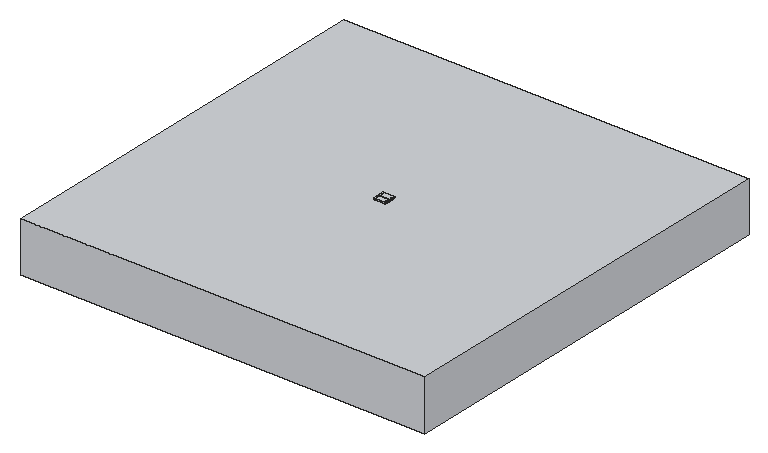
Revit family "Gira_2022112", category Elektroinstallationen, Revit 2017
Family settings
  Basisbauteil = Fläche
  Beschriftungsausrichtung beibehalten = Nein
  Bemaßung runder Anschluss = Durchmesser verwenden
  Teiletyp = Normal
  Beim Laden mit Abzugskörper schneiden = Nein
  Gemeinsam genutzt = Nein
  Raumberechnungspunkt = Nein
Parameters (values of type "KNX Tastsens.3 Basis 2f Flächenschalter Reinweiß")
  Werkstoffgüte = "Thermoplast"
  Werkstoff Text = "Kunststoff"
  Default Elevation = 1219.2 mm
  URL = "https://www.gira.de/"
  Typname = "KNX Tastsens.3 Basis 2f Flächenschalter Reinweiß"
  Type Comments = ""
  Transparent = no
  Schutzart (IP) = "IP20"
  RAL-Nummer (ähnlich) = 9010
  Produktseite = "https://media.stage.bim.site/t/eyJhbGciOiJIUzI1NiIsInR5cCI6IkpXVCJ9.eyJjdCI6MiwidHUiOiJodHRwOi8va2F0YWxvZy5naXJhLmRlL2RlX0RFL2RhdGVuYmxhdHQuaHRtbD9hcnRpa2VsbnI9MjAyMjExMiIsImNpZCI6IjMyNzdjYzIzLTgxYTktNGVlMy1hOTBhLWI0N2JiNGMwYjYxNiIsInJpZCI6Ijg5OTY0NzI4MTQ5MjM4ZDQwMzQxOWM4MTJiZWE1YTUwIiwicGlkIjoiOTc0Njg4NGMzMTU1OWNkMzU2MzZiZDM5NjM1YmU4OTJkZTYyMmY2NiIsInNpZCI6IjYzNDcwIiwidXQiOjEsImxjIjoiZGUiLCJpYXQiOjE2MDA5Mzg3MzUsImlzcyI6Imh0dHBzOi8vYXBpLmxpdmUuYmltLnNpdGUiLCJzdWIiOiJhZG1pbkBiaW1zaXRlLmRldiJ9.1JMOaT_AGcc9MOfw-HttqouKLIzweN66ocz2Nbp6Ypg"
  Oberfläche Text = "sonstige"
  Montageart = "Unterputz"
  Model = ""
  Mit Raumthermostat = no
  Mit LED-Anzeige = yes
  Mit Infrarotsensor = no
  Mit Display = no
  Mit Diebstahl-/Demontageschutz = yes
  Mit Busankopplung = no
  Mit Beschriftungsfeld = no
  Kosten = 0
  Hersteller = "Gira"
  HeinzeBIM = "https://www.heinze.de/bim/knx-tastsens-3-basis-2f-flaechenschalter-reinweiss/9746884c31559cd35636bd39635be892de622f66"
  HAN = "2022112"
  GTIN = "4010337081685"
  Farbe = "weiß"
  Datenblatt 1 = "https://media.stage.bim.site/t/eyJhbGciOiJIUzI1NiIsInR5cCI6IkpXVCJ9.eyJjdCI6MSwidGYiOiJwdWJsaWMvZ2lyYS9hZThjNTU3LzIwMjIxMTIudHh0IiwiY2lkIjoiMzI3N2NjMjMtODFhOS00ZWUzLWE5MGEtYjQ3YmI0YzBiNjE2IiwicmlkIjoiODk5NjQ3MjgxNDkyMzhkNDAzNDE5YzgxMmJlYTVhNTAiLCJwaWQiOiI5NzQ2ODg0YzMxNTU5Y2QzNTYzNmJkMzk2MzViZTg5MmRlNjIyZjY2Iiwic2lkIjoiNjM0NzAiLCJ1dCI6MSwibGMiOiJkZSIsImlhdCI6MTYwMDkzODczNSwiaXNzIjoiaHR0cHM6Ly9hcGkubGl2ZS5iaW0uc2l0ZSIsInN1YiI6ImFkbWluQGJpbXNpdGUuZGV2In0.2KQ_G6w8lxiS4fiE-P-Lk1RE2rsbOIxCjwt80404w_8/2022112.txt"
  Datenblatt = "https://media.stage.bim.site/t/eyJhbGciOiJIUzI1NiIsInR5cCI6IkpXVCJ9.eyJjdCI6MSwidHUiOiJodHRwczovL2thdGFsb2cuZ2lyYS5kZS9kZV9ERS9kb3dubG9hZC5odG1sP2FydGlrZWxucj0yMDIyMTEyIiwiY2lkIjoiMzI3N2NjMjMtODFhOS00ZWUzLWE5MGEtYjQ3YmI0YzBiNjE2IiwicmlkIjoiODk5NjQ3MjgxNDkyMzhkNDAzNDE5YzgxMmJlYTVhNTAiLCJwaWQiOiI5NzQ2ODg0YzMxNTU5Y2QzNTYzNmJkMzk2MzViZTg5MmRlNjIyZjY2Iiwic2lkIjoiNjM0NzAiLCJ1dCI6MSwibGMiOiJkZSIsImlhdCI6MTYwMDkzODczNSwiaXNzIjoiaHR0cHM6Ly9hcGkubGl2ZS5iaW0uc2l0ZSIsInN1YiI6ImFkbWluQGJpbXNpdGUuZGV2In0.xGo9tXQeGwhzYyiLN50PbMaViP2ObJ9P0mbB7PtBk6s"
  Bussystem Powernet = no
  Bussystem LON = no
  Bussystem KNX-Funk = no
  Bussystem KNX = yes
  Bussystem Funkbus = no
  Beschreibung = "KNX Tastsensor 3 Basis 2fach  Reinweiß glänzend Merkmale:  Montage auf Busankoppler 3.  Demontageschutz durch Verschraubung.  Wippenfunktion: Schalten, Dimmen, Jalousie, Wertgeber 1 Byte und Szenennebenstelle.  Zwei blaue Status-LEDs je Bedienfläche.  Weiße Betriebs-LED.  Funktion der Betriebs-LED und der Status-LED parametrierbar.  Hinweise :  Professionelle Beschriftung über den Gira Beschriftungsservice www.beschriftung.gira.de."
  Assembly Code = ""
  Keynote = ""
  BIMSITE_PRODUCT_ID = "9746884c31559cd35636bd39635be892de622f66"
  BIM = "https://media.stage.bim.site/t/eyJhbGciOiJIUzI1NiIsInR5cCI6IkpXVCJ9.eyJjdCI6MSwidGYiOiJwdWJsaWMvZ2lyYS9hZThjNTU3L0tOWCBUYXN0c2Vuc29yIDMgS29tZm9ydCAyZmFjaC5yZmEiLCJjaWQiOiIzMjc3Y2MyMy04MWE5LTRlZTMtYTkwYS1iNDdiYjRjMGI2MTYiLCJyaWQiOiI4OTk2NDcyODE0OTIzOGQ0MDM0MTljODEyYmVhNWE1MCIsInBpZCI6Ijk3NDY4ODRjMzE1NTljZDM1NjM2YmQzOTYzNWJlODkyZGU2MjJmNjYiLCJzaWQiOiI2MzQ3MCIsInV0Ijo1LCJsYyI6ImRlIiwiaWF0IjoxNjAwOTM4NzM1LCJpc3MiOiJodHRwczovL2FwaS5saXZlLmJpbS5zaXRlIiwic3ViIjoiYWRtaW5AYmltc2l0ZS5kZXYifQ.bhu5ZEVyStz4Hpns3xA3ZYuZEU0O2FgoSUKAjLmdOfk/KNX Tastsensor 3 Komfort 2fach.rfa"
  Ausführung der Oberfläche = "glänzend"
  Anzahl der Tasten = 2
  Anzahl der Betätigungspunkte = 4
  Andere Bussysteme = "ohne"
Reference planes
  plane 1 "Center (Front/Back)": y = 0
  plane 2: z = 0
  plane 3 "Center (Left/Right)": x = 0
  plane 4: z = -9.604
Forms (mm)
  Extrusion 1, solid
    sketch origin (0, 0, 0) x (1, 0, 0) y (0, 1, 0)
      loop
        line (-1219.2, 1219.2) -> (-1219.2, -1219.2) -> (1219.2, -1219.2) -> (1219.2, 1219.2) -> (-1219.2, 1219.2)
    from 0 to -304.8
  Extrusion 2, solid, detail levels fine
    sketch origin (0, 0, 0) x (1, 0, 0) y (0, 0, 1)
      loop
        line (-35.204, 3.097) -> (-35.258, 0) -> (-34.021, 0) -> (-33.888, 1.9) -> (33.888, 1.9) -> (34.021, 0) -> (35.258, 0) -> (35.204, 3.097) -> (34.204, 3.884) -> (35.165, 5.362) -> (35.143, 6.6) -> (-35.143, 6.6) -> (-35.165, 5.362) -> (-34.204, 3.884) -> (-35.204, 3.097)
    from -35.386 to -0.115
  Extrusion 3, solid, detail levels fine
    sketch origin (0, 0, 0) x (1, 0, 0) y (0, 0, 1)
      loop
        line (-34.914, -3.101) -> (34.914, -3.101) -> (34.835, -1.601) -> (33.811, -1.601) -> (33.523, 1.699) -> (-33.523, 1.699) -> (-33.811, -1.601) -> (-34.835, -1.601) -> (-34.914, -3.101)
    from -35 to 34.963
  SweptBlend 4, solid, detail levels fine
    path origin (0, 0, 0) x (0, 1, 0) y (0, 0, 1)
      loop
        line (0, -4.751) -> (0, -3.101)
    profile origin (0, 0, -4.751) x (0, -1, 0) y (1, 0, 0)
      loop
        line (-33.684, -33.637) -> (33.649, -33.637) -> (33.649, 33.637) -> (-33.684, 33.637) -> (-33.684, -33.637)
    end profile origin (0, 0, -3.101) x (0, -1, 0) y (1, 0, 0)
      loop
        line (33.94, -33.987) -> (33.94, 33.987) -> (-34.035, 33.987) -> (-34.035, -33.987) -> (33.94, -33.987)
  Extrusion 5, solid, detail levels fine
    sketch origin (0, 0, 0) x (1, 0, 0) y (0, 1, 0)
      loop
        line (-23.957, 19.167) -> (-23.957, 7.073) -> (-25.607, 7.073) -> (-25.607, -7.04) -> (-23.957, -7.04) -> (-23.957, -19.133)
        arc (-23.957, -19.133) -> (-22.549, -22.532) -> (-19.15, -23.94) r 4.807
        line (-19.15, -23.94) -> (19.15, -23.94)
        arc (19.15, -23.94) -> (22.549, -22.532) -> (23.957, -19.133) r 4.807
        line (23.957, -19.133) -> (23.957, -7.04) -> (25.607, -7.04) -> (25.607, 7.073) -> (23.957, 7.073) -> (23.957, 19.167)
        arc (23.957, 19.167) -> (22.549, 22.565) -> (19.15, 23.973) r 4.807
        line (19.15, 23.973) -> (-19.15, 23.973)
        arc (-19.15, 23.973) -> (-22.549, 22.565) -> (-23.957, 19.167) r 4.807
      loop
        line (-23.8, 6.217) -> (-24.95, 6.217) -> (-24.95, -6.183) -> (-23.843, -6.183) -> (-17.1, -3.181) -> (-17.1, 3.214) -> (-23.8, 6.217)
      loop
        line (23.843, 6.217) -> (17.1, 3.214) -> (17.1, -3.181) -> (23.8, -6.183) -> (24.95, -6.183) -> (24.95, 6.217) -> (23.843, 6.217)
    from -4.501 to -7.001
  Extrusion 6, solid, detail levels fine
    sketch origin (0, 0, 0) x (1, 0, 0) y (0, 1, 0)
      loop
        line (18.766, 1.305) -> (18.766, -1.275) -> (21, -2.565) -> (23.234, -1.275) -> (23.234, 1.305) -> (21, 2.595) -> (18.766, 1.305)
      loop
        line (-23.234, 1.305) -> (-23.234, -1.275) -> (-21, -2.565) -> (-18.766, -1.275) -> (-18.766, 1.305) -> (-21, 2.595) -> (-23.234, 1.305)
    from -5.101 to -7.001
  Extrusion 7, solid, detail levels fine
    sketch origin (0, 0, 0) x (1, 0, 0) y (0, 1, 0)
      loop
        line (-6.603, -21.281) -> (-6.603, -15.981) -> (6.603, -15.981) -> (6.603, -21.281) -> (7.397, -21.281) -> (7.397, -15.186) -> (-7.397, -15.186) -> (-7.397, -21.281) -> (-6.603, -21.281)
    from -7.301 to -10.401
  Extrusion 8, solid, detail levels fine
    sketch origin (0, 0, 0) x (1, 0, 0) y (0, 1, 0)
      loop
        line (-8.504, -14.749) -> (-8.504, -22.758) -> (8.504, -22.758) -> (8.504, -14.749) -> (-8.504, -14.749)
      loop
        circle (-5.08, -17.483) r 0.5
      loop
        circle (-2.54, -17.483) r 0.5
      loop
        circle (0, -17.483) r 0.5
      loop
        circle (2.54, -17.483) r 0.5
      loop
        circle (5.08, -17.483) r 0.5
      loop
        circle (5.08, -20.023) r 0.5
      loop
        circle (2.54, -20.023) r 0.5
      loop
        circle (0, -20.023) r 0.5
      loop
        circle (-2.54, -20.023) r 0.5
      loop
        circle (-5.08, -20.023) r 0.5
    from -6.527 to -7.301
  Extrusion 9, solid, detail levels fine
    sketch origin (0, 0, 0) x (1, 0, 0) y (0, 1, 0)
      loop
        line (-6.603, -18.141) -> (-6.603, -15.981) -> (-0.888, -15.981) -> (-0.888, -15.186) -> (-7.397, -15.186) -> (-7.397, -18.141) -> (-6.603, -18.141)
      loop
        line (6.603, -18.141) -> (7.397, -18.141) -> (7.397, -15.186) -> (0.888, -15.186) -> (0.888, -15.981) -> (6.603, -15.981) -> (6.603, -18.141)
    from -10.401 to -15.001
  Extrusion 10, solid, detail levels fine
    sketch origin (0, 0, 0) x (1, 0, 0) y (0, 1, 0)
      loop
        line (-14.008, -23.94) -> (-14.008, -25.541) -> (-12.361, -25.541) -> (-12.361, -24.233) -> (-9.639, -24.233) -> (-9.639, -25.541) -> (-7.992, -25.541) -> (-7.992, -23.94) -> (-14.008, -23.94)
    from -4.501 to -6.101
  Extrusion 11, solid, detail levels fine
    sketch origin (0, 0, 0) x (-1, 0, 0) y (0, -1, 0)
      loop
        line (-14.008, 23.94) -> (-7.992, 23.94) -> (-7.992, 25.541) -> (-9.639, 25.541) -> (-9.639, 24.233) -> (-12.361, 24.233) -> (-12.361, 25.541) -> (-14.008, 25.541) -> (-14.008, 23.94)
    from -4.501 to -6.101
  Extrusion 12, solid, detail levels fine
    sketch origin (0, 0, 0) x (-1, 0, 0) y (0, -1, 0)
      loop
        line (-14.008, -23.867) -> (-14.008, -25.574) -> (-12.361, -25.574) -> (-12.361, -24.233) -> (-9.639, -24.233) -> (-9.639, -25.574) -> (-7.992, -25.574) -> (-7.992, -23.867) -> (-14.008, -23.867)
    from -4.501 to -6.101
  Extrusion 13, solid, detail levels fine
    sketch origin (0, 0, 0) x (1, 0, 0) y (0, 1, 0)
      loop
        line (-14.008, 23.867) -> (-7.992, 23.867) -> (-7.992, 25.574) -> (-9.639, 25.574) -> (-9.639, 24.233) -> (-12.361, 24.233) -> (-12.361, 25.574) -> (-14.008, 25.574) -> (-14.008, 23.867)
    from -4.501 to -6.101
  Revolve 14, solid, detail levels fine
    sketch origin (0, 17.743, 0) x (1, 0, 0) y (0, 0, 1)
      loop
        line (-29, 7) -> (-30.327, 6) -> (-28, 6) -> (-28, 7) -> (-29, 7)
      axis (-28, 7) -> (-28, 6)
    angle from 0 to 360
  Extrusion 15, solid, detail levels coarse
    sketch origin (0, 0, 0) x (1, 0, 0) y (0, 1, 0)
      loop
        line (35.258, 35.386) -> (-35.258, 35.386) -> (-35.258, -35.355) -> (35.258, -35.355) -> (35.258, 35.386)
    from -18.904 to 7
  Extrusion 16, solid, detail levels medium
    sketch origin (0, 0, 0) x (1, 0, 0) y (0, 1, 0)
      loop
        line (35.258, 35.386) -> (-35.258, 35.386) -> (-35.258, 0.115) -> (35.258, 0.115) -> (35.258, 35.386)
    from 0 to 7
  Extrusion 17, solid, detail levels medium
    sketch origin (0, 0, 0) x (1, 0, 0) y (0, 1, 0)
      loop
        line (-34.914, 35.017) -> (-34.914, -34.994) -> (34.914, -34.994) -> (34.914, 35.017) -> (-34.914, 35.017)
    from 0 to -4.754
  Extrusion 18, solid, detail levels medium
    sketch origin (0, 0, 0) x (1, 0, 0) y (0, 1, 0)
      loop
        line (-23.957, 23.973) -> (-23.957, -23.94) -> (23.957, -23.94) -> (23.957, 23.973) -> (-23.957, 23.973)
    from -7.001 to -4.751
  Extrusion 19, solid, detail levels medium
    sketch origin (0, 0, 0) x (1, 0, 0) y (0, 1, 0)
      loop
        line (-7.397, -15.186) -> (-7.397, -21.281) -> (7.397, -21.281) -> (7.397, -15.186) -> (-7.397, -15.186)
    from -15.001 to 0
  Extrusion 20, solid, detail levels fine
    sketch origin (0, 0, 0) x (1, 0, 0) y (0, 1, 0)
      loop
        circle (-21.002, 0.017) r 1.5
      loop
        circle (21.002, 0.017) r 1.5
    from -9.604 to -5.101
  Extrusion 21, solid, detail levels fine
    sketch origin (0, 0, 0) x (1, 0, 0) y (0, 0, 1)
      loop
        line (-24.092, -5.101) -> (-25.266, -10.462)
        arc (-25.266, -10.462) -> (-25.344, -11.857) -> (-24.981, -13.206) r 4.4
        line (-24.981, -13.206) -> (-23.425, -16.671) -> (-23.055, -17.494)
        arc (-23.055, -17.494) -> (-22.984, -18.085) -> (-23.262, -18.612) r 1
        arc (-23.262, -18.612) -> (-22.789, -18.919) -> (-22.319, -18.607) r 0.514
        arc (-22.319, -18.607) -> (-22.168, -17.886) -> (-22.326, -17.166) r 1.8
        line (-22.326, -17.166) -> (-22.695, -16.344) -> (-24.252, -12.879)
        arc (-24.252, -12.879) -> (-24.548, -11.775) -> (-24.484, -10.634) r 3.6
        line (-24.484, -10.634) -> (-23.273, -5.101) -> (-24.092, -5.101)
    from -5.999 to -3.15
  Extrusion 22, solid, detail levels fine
    sketch origin (0, 0, 0) x (1, 0, 0) y (0, 0, -1)
      loop
        line (-24.092, 5.101) -> (-23.273, 5.101) -> (-24.484, 10.634)
        arc (-24.484, 10.634) -> (-24.548, 11.775) -> (-24.252, 12.879) r 3.6
        line (-24.252, 12.879) -> (-22.695, 16.344) -> (-22.326, 17.166)
        arc (-22.326, 17.166) -> (-22.168, 17.886) -> (-22.319, 18.607) r 1.8
        arc (-22.319, 18.607) -> (-22.789, 18.919) -> (-23.262, 18.612) r 0.514
        arc (-23.262, 18.612) -> (-22.984, 18.085) -> (-23.055, 17.494) r 1
        line (-23.055, 17.494) -> (-23.425, 16.671) -> (-24.981, 13.206)
        arc (-24.981, 13.206) -> (-25.344, 11.857) -> (-25.266, 10.462) r 4.4
        line (-25.266, 10.462) -> (-24.092, 5.101)
    from -5.999 to -3.15
  Extrusion 23, solid, detail levels fine
    sketch origin (0, 0, 0) x (-1, 0, 0) y (0, 0, -1)
      loop
        line (-24.092, 5.101) -> (-23.273, 5.101) -> (-24.484, 10.634)
        arc (-24.484, 10.634) -> (-24.548, 11.775) -> (-24.252, 12.879) r 3.6
        line (-24.252, 12.879) -> (-22.695, 16.344) -> (-22.326, 17.166)
        arc (-22.326, 17.166) -> (-22.168, 17.886) -> (-22.319, 18.607) r 1.8
        arc (-22.319, 18.607) -> (-22.789, 18.919) -> (-23.262, 18.612) r 0.514
        arc (-23.262, 18.612) -> (-22.984, 18.085) -> (-23.055, 17.494) r 1
        line (-23.055, 17.494) -> (-23.425, 16.671) -> (-24.981, 13.206)
        arc (-24.981, 13.206) -> (-25.344, 11.857) -> (-25.266, 10.462) r 4.4
        line (-25.266, 10.462) -> (-24.092, 5.101)
    from -5.999 to -3.15
  Extrusion 24, solid, detail levels fine
    sketch origin (0, 0, 0) x (-1, 0, 0) y (0, 0, 1)
      loop
        line (-24.092, -5.101) -> (-25.266, -10.462)
        arc (-25.266, -10.462) -> (-25.344, -11.857) -> (-24.981, -13.206) r 4.4
        line (-24.981, -13.206) -> (-23.425, -16.671) -> (-23.055, -17.494)
        arc (-23.055, -17.494) -> (-22.984, -18.085) -> (-23.262, -18.612) r 1
        arc (-23.262, -18.612) -> (-22.789, -18.919) -> (-22.319, -18.607) r 0.514
        arc (-22.319, -18.607) -> (-22.168, -17.886) -> (-22.326, -17.166) r 1.8
        line (-22.326, -17.166) -> (-22.695, -16.344) -> (-24.252, -12.879)
        arc (-24.252, -12.879) -> (-24.548, -11.775) -> (-24.484, -10.634) r 3.6
        line (-24.484, -10.634) -> (-23.273, -5.101) -> (-24.092, -5.101)
    from -5.999 to -3.15
  Extrusion 25, solid, detail levels medium
    sketch origin (0, 0, 0) x (1, 0, 0) y (0, 0, 1)
      loop
        line (-22.422, -18.904) -> (-21.545, -18.904) -> (-24.739, -11.795) -> (-23.273, -5.101) -> (-24.092, -5.101) -> (-25.577, -11.881) -> (-22.422, -18.904)
    from -5.999 to 6
  Extrusion 26, solid, detail levels medium
    sketch origin (0, 0, 0) x (-1, 0, 0) y (0, 0, -1)
      loop
        line (-22.422, 18.904) -> (-25.577, 11.881) -> (-24.092, 5.101) -> (-23.273, 5.101) -> (-24.739, 11.795) -> (-21.545, 18.904) -> (-22.422, 18.904)
    from -5.999 to 6
  Extrusion 27, solid, detail levels medium
    sketch origin (0, 0, 0) x (1, 0, 0) y (0, 1, 0)
      loop
        line (-22.502, 1.517) -> (-22.502, -1.483) -> (-19.502, -1.483) -> (-19.502, 1.517) -> (-22.502, 1.517)
      loop
        line (22.502, 1.517) -> (19.502, 1.517) -> (19.502, -1.483) -> (22.502, -1.483) -> (22.502, 1.517)
    from -9.604 to -5.101
  Extrusion 28, solid, detail levels fine
    sketch origin (0, 0, 0) x (1, 0, 0) y (0, 0, -1)
      loop
        line (-35.204, -3.097) -> (-34.204, -3.884) -> (-35.165, -5.362) -> (-35.143, -6.6) -> (35.143, -6.6) -> (35.165, -5.362) -> (34.204, -3.884) -> (35.204, -3.097) -> (35.258, 0) -> (34.021, 0) -> (33.888, -1.9) -> (-33.888, -1.9) -> (-34.021, 0) -> (-35.258, 0) -> (-35.204, -3.097)
    from -35.386 to -0.115
  Extrusion 29, solid, detail levels medium
    sketch origin (0, 0, 0) x (1, 0, 0) y (0, 1, 0)
      loop
        line (35.258, -35.386) -> (35.258, -0.115) -> (-35.258, -0.115) -> (-35.258, -35.386) -> (35.258, -35.386)
    from 0 to 7
  Revolve 30, solid, detail levels fine
    sketch origin (0, -17.743, 0) x (1, 0, 0) y (0, 0, -1)
      loop
        line (-29, -7) -> (-28, -7) -> (-28, -6) -> (-30.327, -6) -> (-29, -7)
      axis (-28, -7) -> (-28, -6)
    angle from 0 to 360
  Revolve 31, solid, detail levels fine
    sketch origin (0, -17.743, 0) x (-1, 0, 0) y (0, 0, 1)
      loop
        line (-29, 7) -> (-30.327, 6) -> (-28, 6) -> (-28, 7) -> (-29, 7)
      axis (-28, 7) -> (-28, 6)
    angle from 0 to 360
  Revolve 32, solid, detail levels fine
    sketch origin (0, 17.743, 0) x (-1, 0, 0) y (0, 0, -1)
      loop
        line (-29, -7) -> (-28, -7) -> (-28, -6) -> (-30.327, -6) -> (-29, -7)
      axis (-28, -7) -> (-28, -6)
    angle from 0 to 360
Lines and regions (mm)
  reference lines
    curve 1: line (0, 35.386, 0) -> (0, -35.386, 0)
Dimensions and locks
  aligned and locked: plane 2 to Extrusion 1
  aligned and locked: level to Extrusion 1
Connectors
  electrical at (0, -18.753, -7.301)
    settings: on Extrusion 8, index 1, voltage 220 V, apparent load 0 VA, apparent load phase1 0 VA, apparent load phase2 0 VA, apparent load phase3 0 VA, power factor 1, load classification "Other", number of poles 1, system type 31, power factor state 1, is connector primary yes, connector utility no, sub classification motor no, connector description ""
